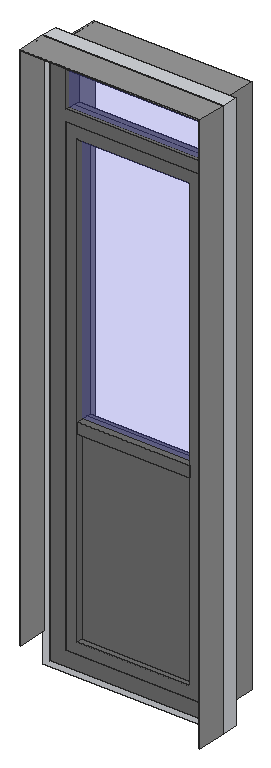
Revit family "AVLN_Балконный блок", category Окна, Revit 2021
Family settings
  Основа = Стена
  Номер OmniClass = 23.30.20.00
  Заголовок OmniClass = Windows
  Всегда вертикально = Да
  При загрузке вырезать с полостями = Нет
  Общий = Нет
  Точка принадлежности помещению = Нет
Parameters (values of type "Для Копирования!")
  Ширина среднействорки = 400 mm
  Ширина рамы двери = 50 mm
  Ширина рамы = 70 mm
  Ширина окна = 1800 mm
  Ширина импоста = 50 mm
  Четверть слева/справа = 50 mm
  Четверть окна снизу = 50 mm
  Четверть низ = 0 mm  # constant formula
  Черверть верх = 50 mm
  Фрамуга_Ширина = Width - (Монтажный зазор * 2 + Ширина рамы * 2)  # 600 mm
  Фрамуга_Высота = Height - (Дверь_Высота + Монтажный зазор_Снизу + Монтажный зазор + Ширина рамы * 2 + Ширина импоста)  # 160 mm
  Толщина основы [instance] = 300 mm
  Створка_толщина = 25 mm  # constant formula
  Rough Width = Width - Монтажный зазор * 2  # 740 mm
  Rough Height = Height - Монтажный зазор * 2  # 2440 mm
  Подстановочный профиль_Ширина = 20 mm  # constant formula
  Подстановочный профиль_Толщина = 50 mm
  Подоконник_Толщина = 20 mm
  Подоконник_Длина = Ширина окна + Ширина рамы * 2 + Монтажный зазор  # 1970 mm
  Подоконник_Глубина = 190 mm
  Подоконник = no
  Отступ.доп.части_Н = Ширина окна + Ширина импоста  # 1850 mm
  Отступ.доп.части_В = Ширина окна + Ширина импоста + Монтажный зазор  # 1880 mm
  Отлив_Толщина = 1 mm  # constant formula
  Отлив_Длина = (Ширина окна + Ширина рамы * 2 + Монтажный зазор) - [Четверть слева/справа]  # 1920 mm
  Отлив_Глубина = 200 mm
  Отлив = no
  Открывание фрамуга = АВЛН_Створка открывная : Створка глухая
  Открывание окно = АВЛН_Створка открывная : Створка глухая
  Откос_Н.Ширина = ADSK_Размер_Ширина - 2 * [Четверть слева/справа]  # 700 mm
  Откос_Н.Толщина.8 = 32 mm
  Откос_Н.Толщина.7 = 28 mm
  Откос_Н.Толщина.6 = 24 mm
  Откос_Н.Толщина.5 = 20 mm
  Откос_Н.Толщина.4 = 16 mm
  Откос_Н.Толщина.3 = 12 mm
  Откос_Н.Толщина.2 = 8 mm
  Откос_Н.Толщина.1 = 4 mm
  Откос_Н.Отступ_П = ADSK_Размер_Высота - (Монтажный зазор + 2 * Ширина рамы + Высота окна)  # 130 mm
  Откос_Н.Отступ_Л = Монтажный зазор  # 30 mm
  Откос_Н.Отступ от уровня = Монтажный зазор  # 30 mm
  Откос_Н.Количество слоев = 1
  Откос_Н.Глубина = 150 mm  # constant formula
  Откос_Н.Высота = ADSK_Размер_Высота - Черверть верх  # 2450 mm
  Откос_В.Толщина.8 = 32 mm
  Откос_В.Толщина.7 = 28 mm
  Откос_В.Толщина.6 = 24 mm
  Откос_В.Толщина.5 = 20 mm
  Откос_В.Толщина.4 = 16 mm
  Откос_В.Толщина.3 = 12 mm
  Откос_В.Толщина.2 = 8 mm
  Откос_В.Толщина.1 = 4 mm
  Откос_В.Количество слоев = 1
  Откос_В.Глубина = 130 mm
  Откос.Отступ_П [instance] = ADSK_Размер_Высота - (Монтажный зазор + 2 * Ширина рамы + Высота окна)  # 130 mm
  Откос.Отступ_Л [instance] = 0 mm
  Определить тепловые свойства по = Тип схем
  Монтажный зазор_Снизу = 20 mm
  Монтажный зазор = 30 mm
  М.Стекла = Стекло
  М.Рамы = AVLN_Материал импоста_RAL 7024
  М.Подоконный профиль = Рама
  М.Подоконник = none
  М.Откос_Н.8 = none
  М.Откос_Н.7 = none
  М.Откос_Н.6 = none
  М.Откос_Н.5 = none
  М.Откос_Н.4 = none
  М.Откос_Н.3 = none
  М.Откос_Н.2 = none
  М.Откос_Н.1 = Штукатурка наружных откосов
  М.Откос_В.8 = none
  М.Откос_В.7 = none
  М.Откос_В.6 = none
  М.Откос_В.5 = none
  М.Откос_В.4 = none
  М.Откос_В.3 = none
  М.Откос_В.2 = none
  М.Откос_В.1 = Штукатурка внутренних откосов
  М.Монтажного зазора = none
  Type Comments = ""
  Ипост высота = 900 mm
  Дверь_Ширина = 740 mm
  Дверь_Высота = 2100 mm
  Дверь.Открывание.Право = yes
  Дверь.Открывание.Лево = not(Дверь.Открывание.Право)  # no
  Дверь.Откидывание = yes
  Дверь заполнение = АВЛН_Дверь балконная : Глухое заполнение снизу
  Глубина вставки = 0 mm
  Высота установки ручки.Дверь = 900 mm
  Высота подоконника по умолчанию = 0 mm
  Высота окна = 2200 mm
  Height = 2500 mm
  Замыкание стены = По основе
  Width = 800 mm
  Аналитическая конструкция = "<Нет>"
  АВЛН_Площаль откосов наружных = (ADSK_Размер_Высота * 2 + ADSK_Размер_Ширина) * 150 mm  # 0.87 m²
  АВЛН_Площаль откосов внутренних = (ADSK_Размер_Высота * 2 + ADSK_Размер_Ширина) * 180 mm  # 1.044 m²
  ADSK_Этаж [instance] = ""
  ADSK_Размер_Ширина = Width  # 800 mm
  ADSK_Размер_Высота = Height  # 2500 mm
  ADSK_Примечание [instance] = ""
  ADSK_Обозначение = "ГОСТ 30674-99 ГОСТ 30970-2014"
  ADSK_Номер секции [instance] = ""
  ADSK_Наименование = ""
  ADSK_Марка = "ДБ-1"
  ADSK_Группирование = ""
  30/90 = yes
  -----------Разрезка----------- = "-----------"  # constant formula
  -----------Профили----------- = "-----------"  # constant formula
  -----------Подоконник----------- = "-----------"  # constant formula
  -----------Отлив----------- = "-----------"  # constant formula
  -----------Откос----------- = "-----------"  # constant formula
  -----------Основные габариты----------- = "-----------"  # constant formula
  -----------Вставка----------- = "-----------"  # constant formula
Reference planes
  plane 1 "По центру (Вперед/Назад)": y = 0
  plane 2 "По центру (Влево/Вправо)": x = 0
  plane 3 "Наружный": y = 150
  plane 4 "Внутренние": y = -150
  plane 5 "Окно": y = 150
  plane 6: y = 450
  plane 7: y = -450
  plane 8 "Внутренняя граница": y = 80
  plane 9 "336": x = 400
  plane 10 "339": z = 2500
  plane 11: z = 2470
  plane 12: x = 370
  plane 13: z = 20
  plane 14: x = 350
  plane 15: z = 1140
  plane 16: z = 2450
  plane 17 "340": z = 0
  plane 18: z = 2400
  plane 19: x = -300
  plane 20: x = -370
  plane 21: x = -400
  plane 22: x = -350
  plane 23 "343": x = 300
  plane 24: z = 2190
  plane 25: z = 90
  plane 26: z = 2240
  plane 27: z = 2320
Forms (mm)
  Extrusion 1, void
    sketch origin (0, 150, 0) x (1, 0, 0) y (0, 0, 1)
      loop
        line (400, 2500) -> (-400, 2500) -> (-400, 0) -> (400, 0) -> (400, 2500)
    from 0 to 600
  Extrusion 2, void
    sketch origin (-1890, 150, 0) x (-1, 0, 0) y (0, 0, -1)
      loop
        line (-1540, -2450) -> (-1540, 0) -> (-2240, 0) -> (-2240, -2450) -> (-1540, -2450)
    from -300 to 0
  Extrusion 3, solid, material "AVLN_Материал импоста_RAL 7024" <- "М.Рамы", detail levels medium+fine
    sketch origin (-1890, 150, 0) x (-1, 0, 0) y (0, 0, -1)
      loop
        line (-1520, -20) -> (-2260, -20) -> (-2260, -2470) -> (-1520, -2470) -> (-1520, -20)
      loop
        line (-2190, -90) -> (-2190, -2190) -> (-1590, -2190) -> (-1590, -90) -> (-2190, -90)
      loop
        line (-1590, -2400) -> (-1590, -2240) -> (-2190, -2240) -> (-2190, -2400) -> (-1590, -2400)
    from 0 to 70
  Extrusion 4, solid, material <- "М.Монтажного зазора", detail levels medium+fine
    sketch origin (-1890, -150, 0) x (-1, 0, 0) y (0, 0, -1)
      loop
        line (-2290, 0) -> (-2290, -2500) -> (-1490, -2500) -> (-1490, 0) -> (-2290, 0)
      loop
        line (-1520, -2470) -> (-1520, -20) -> (-2260, -20) -> (-2260, -2470) -> (-1520, -2470)
    from -300 to -230
Cuts and joins
  Extrusion 2 cuts Extrusion 3
  Extrusion 2 cuts Extrusion 4
Lines and regions (mm)
  reference lines
    curve 1: line (400, -150, 2215) -> (-350, -150, 2215)
    curve 2: line (400, -150, 990) -> (-350, -150, 990)
Text (mm)
  text "EXTERIOR" at (-1963.203, 1332.353, 0), in view "Опорный уровень"
  text "INTERIOR" at (-1981.466, -818.386, 0), in view "Опорный уровень"
  text "Наружный" at (0, 923.751, 2943.296), in view "Справа"
  text "Наружный" at (0, 1240.237, 2685.409), in view "Слева"
Dimensions and locks
  locked: plane 3 "Наружный" to host wall
  locked: plane 4 "Внутренние" to host wall
  "Глубина вставки": plane 5 "Окно" to plane 3 "Наружный"
  locked: plane 3 "Наружный" to plane 6 at 300
  locked: plane 7 to plane 4 "Внутренние" at 300
  "Ширина рамы": plane 5 "Окно" to plane 8 "Внутренняя граница"
  "Толщина основы": host wall to host wall
  "ADSK_Размер_Высота": level to plane 10 "339"
  "Монтажный зазор": plane 9 "336" to plane 12
  "Монтажный зазор": plane 11 to plane 10 "339"
  "Четверть слева/справа": plane 9 "336" to plane 14
  "Черверть верх": plane 16 to plane 10 "339"
  "Ширина рамы": plane 18 to plane 11
  "Монтажный зазор": plane 20 to plane 21
  "Ширина рамы": plane 19 to plane 20
  "Четверть слева/справа": plane 22 to plane 21
  "Ширина рамы": plane 12 to plane 23 "343"
  equal spacing: plane 23 "343", plane 2 "По центру (Влево/Вправо)", plane 19
  equal spacing: plane 24, plane 15, plane 25
  "Ширина рамы": plane 25 to plane 13
  "Ширина импоста": plane 26 to plane 24
  equal spacing: plane 26, curve 1, plane 24
  equal spacing: plane 18, plane 27, plane 26
  "Дверь_Высота": plane 24 to plane 25
  "Width": plane 9 "336" to plane 21
  level to plane 15 to plane 10 "339" = 1140 mm, 1360 mm
  "Монтажный зазор_Снизу": level to plane 13
  aligned and locked: plane 5 "Окно" to Extrusion 1
  aligned and locked: Extrusion 1 to plane 7
  aligned and locked: Extrusion 2 sketch curve to plane 14
  aligned and locked: plane 16 to Extrusion 2 sketch curve
  aligned and locked: Extrusion 2 sketch curve to plane 17 "340"
  aligned and locked: Extrusion 2 sketch curve to plane 22
  aligned and locked: Extrusion 3 sketch curve to plane 20
  aligned and locked: plane 13 to Extrusion 3 sketch curve
  aligned and locked: Extrusion 3 sketch curve to plane 12
  aligned and locked: plane 11 to Extrusion 3 sketch curve
  aligned and locked: Extrusion 3 sketch curve to plane 19
  aligned and locked: Extrusion 4 sketch curve to plane 9 "336"
  aligned and locked: Extrusion 4 sketch curve to plane 17 "340"
  aligned and locked: plane 21 to Extrusion 4 sketch curve
  aligned and locked: plane 10 "339" to Extrusion 4 sketch curve
  aligned and locked: Extrusion 4 sketch curve to plane 11
  aligned and locked: Extrusion 4 sketch curve to plane 12
  aligned and locked: plane 13 to Extrusion 4 sketch curve
  aligned and locked: Extrusion 4 sketch curve to plane 20
  aligned and locked: plane 23 "343" to Extrusion 3
  aligned and locked: Extrusion 3 to plane 25
  aligned and locked: curve 1 to plane 9 "336"
  aligned and locked: nested 4 to plane 12
  aligned and locked: nested 3 to plane 22
  aligned and locked: Extrusion 1 sketch curve to plane 10 "339"
  aligned and locked: plane 9 "336" to Extrusion 1 sketch curve
  aligned and locked: Extrusion 1 sketch curve to plane 17 "340"
  aligned and locked: plane 27 to nested 5
  aligned and locked: plane 21 to Extrusion 1 sketch curve
  aligned and locked: nested 4 to plane 8 "Внутренняя граница"
  aligned and locked: plane 8 "Внутренняя граница" to nested 3
  aligned and locked: Extrusion 2 to plane 5 "Окно"
  aligned and locked: Extrusion 3 to plane 8 "Внутренняя граница"
  aligned and locked: plane 5 "Окно" to Extrusion 3
  aligned and locked: plane 5 "Окно" to Extrusion 4
  aligned and locked: Extrusion 4 to plane 8 "Внутренняя граница"
  aligned and locked: Extrusion 2 to plane 22
  aligned and locked: plane 14 to Extrusion 2
  aligned and locked: plane 6 to Extrusion 2
  aligned and locked: plane 15 to nested 6
  aligned and locked: plane 2 "По центру (Влево/Вправо)" to nested 6
  aligned and locked: nested 7 to plane 2 "По центру (Влево/Вправо)"
  aligned and locked: plane 10 "339" to nested 7
  aligned and locked: plane 2 "По центру (Влево/Вправо)" to nested 2
  aligned and locked: plane 2 "По центру (Влево/Вправо)" to nested 1
  aligned and locked: nested 2 to plane 5 "Окно"
  aligned and locked: plane 8 "Внутренняя граница" to nested 1
Automatic sketch dimensions
  curve 2 to plane 9 "336" = 0 mm
  Extrusion 3 sketch curve to plane 23 "343" = 0 mm  (x2)
  Extrusion 3 sketch curve to plane 19 = 0 mm
  plane 24 to curve 1 = 25 mm
  Extrusion 3 sketch curve to plane 25 = 0 mm
  Extrusion 3 sketch curve to plane 24 = 0 mm
  Extrusion 3 sketch curve to plane 26 = 0 mm
  Extrusion 3 sketch curve to plane 18 = 0 mm
  curve 2 to plane 15 = 150 mm
  curve 1 to plane 22 = 0 mm
  curve 2 to plane 22 = 0 mm
Nested families
  nested 1: "AVLN_Откосы_R19" at (0, -50, 0), Ширина <- "ADSK_Размер_Ширина", Глубина <- "Откос_В.Глубина", Высота <- "ADSK_Размер_Высота", Высота от уровня <- "Высота подоконника по умолчанию", ADSK_Группирование <- "Type Comments", ADSK_Этаж <- "ADSK_Этаж", ADSK_Номер секции <- "ADSK_Номер секции", Материал_1 <- "М.Откос_В.1", Материал_2 <- "М.Откос_В.2", Материал_3 <- "М.Откос_В.3", Материал_4 <- "М.Откос_В.4", Материал_5 <- "М.Откос_В.5", Материал_6 <- "М.Откос_В.6", Материал_7 <- "М.Откос_В.7", Материал_8 <- "М.Откос_В.8", Толщина_1 <- "Откос_В.Толщина.1", Толщина_2 <- "Откос_В.Толщина.2", Толщина_3 <- "Откос_В.Толщина.3", Толщина_4 <- "Откос_В.Толщина.4", Толщина_5 <- "Откос_В.Толщина.5", Толщина_6 <- "Откос_В.Толщина.6", Толщина_7 <- "Откос_В.Толщина.7", Толщина_8 <- "Откос_В.Толщина.8", Количество слоев <- "Откос_В.Количество слоев", Отступ_Л <- "Откос.Отступ_П", Отступ_П <- "Откос.Отступ_Л", Отступ.доп.части <- "Отступ.доп.части_В", type "AVLN_Откосы_R19"
    with Ширина_8 576 mm, Ширина_7 632 mm, Ширина_6 680 mm, Ширина_5 720 mm, Ширина_4 752 mm, Ширина_3 776 mm, Ширина_2 792 mm, Ширина 800 mm, Толщина_8 32 mm, Толщина_7 28 mm, Толщина_6 24 mm, Толщина_5 20 mm, Толщина_4 16 mm, Толщина_3 12 mm, Толщина_2 8 mm, Толщина_1 4 mm, Отступ_П 0 mm, Отступ_Л 130 mm, Отступ.доп.части 1880 mm, Материал_8 none, Материал_7 none, Материал_6 none, Материал_5 none, Материал_4 none, Материал_3 none, Материал_2 none, Материал_1 Штукатурка внутренних откосов, Количество слоев 1, Глубина 130 mm, Высота_8 2388 mm, Высота_7 2416 mm, Высота_6 2440 mm, Высота_5 2460 mm, Высота_4 2476 mm, Высота_3 2488 mm, Высота_2 2496 mm, Высота.доп.части 0 mm, Высота от уровня 0 mm, Высота 2500 mm, Видимость_8 no, Видимость_7 no, Видимость_6 no, Видимость_5 no, Видимость_4 no, Видимость_3 no, Видимость_2 no, Видимость_1 yes, Видимость.доп.части yes, ВД.8 no, ВД.7 no, ВД.6 no, ВД.5 no, ВД.4 no, ВД.3 no, ВД.2 no, ВД.1 yes, ADSK_Этаж "", ADSK_Номер секции "", ADSK_Группирование ""
  nested 2: "AVLN_Откосы_R19" at (0, 150, 0), Ширина <- "Откос_Н.Ширина", Глубина <- "Откос_Н.Глубина", Высота <- "Откос_Н.Высота", Высота от уровня <- "Откос_Н.Отступ от уровня", ADSK_Группирование <- "Type Comments", ADSK_Этаж <- "ADSK_Этаж", ADSK_Номер секции <- "ADSK_Номер секции", Материал_1 <- "М.Откос_Н.1", Материал_2 <- "М.Откос_Н.2", Материал_3 <- "М.Откос_Н.3", Материал_4 <- "М.Откос_Н.4", Материал_5 <- "М.Откос_Н.5", Материал_6 <- "М.Откос_Н.6", Материал_7 <- "М.Откос_Н.7", Материал_8 <- "М.Откос_Н.8", Толщина_1 <- "Откос_Н.Толщина.1", Толщина_2 <- "Откос_Н.Толщина.2", Толщина_3 <- "Откос_Н.Толщина.3", Толщина_4 <- "Откос_Н.Толщина.4", Толщина_5 <- "Откос_Н.Толщина.5", Толщина_6 <- "Откос_Н.Толщина.6", Толщина_7 <- "Откос_Н.Толщина.7", Толщина_8 <- "Откос_Н.Толщина.8", Количество слоев <- "Откос_Н.Количество слоев", Отступ_Л <- "Откос_Н.Отступ_П", Отступ_П <- "Откос_Н.Отступ_Л", Отступ.доп.части <- "Отступ.доп.части_Н", type "AVLN_Откосы_R19"
    with Ширина_8 476 mm, Ширина_7 532 mm, Ширина_6 580 mm, Ширина_5 620 mm, Ширина_4 652 mm, Ширина_3 676 mm, Ширина_2 692 mm, Ширина 700 mm, Толщина_8 32 mm, Толщина_7 28 mm, Толщина_6 24 mm, Толщина_5 20 mm, Толщина_4 16 mm, Толщина_3 12 mm, Толщина_2 8 mm, Толщина_1 4 mm, Отступ_П 30 mm, Отступ_Л 130 mm, Отступ.доп.части 1850 mm, Материал_8 none, Материал_7 none, Материал_6 none, Материал_5 none, Материал_4 none, Материал_3 none, Материал_2 none, Материал_1 Штукатурка наружных откосов, Количество слоев 1, Глубина 150 mm, Высота_8 2338 mm, Высота_7 2366 mm, Высота_6 2390 mm, Высота_5 2410 mm, Высота_4 2426 mm, Высота_3 2438 mm, Высота_2 2446 mm, Высота.доп.части 0 mm, Высота от уровня 30 mm, Высота 2450 mm, Видимость_8 no, Видимость_7 no, Видимость_6 no, Видимость_5 no, Видимость_4 no, Видимость_3 no, Видимость_2 no, Видимость_1 yes, Видимость.доп.части yes, ВД.8 no, ВД.7 no, ВД.6 no, ВД.5 no, ВД.4 no, ВД.3 no, ВД.2 no, ВД.1 yes, ADSK_Этаж "", ADSK_Номер секции "", ADSK_Группирование ""
  nested 3: "АС-Обозначение на плане двупольная" at (-350, 80, 0) x (-1, 0, 0) z (0, 0, 1), Коробка.Толщина <- "Ширина рамы", Коробка.Ширина <- "Ширина импоста", Rough Width <- "Дверь_Ширина", Height <- "Дверь_Высота", visible <- "Дверь.Открывание.Лево", type "АС-Стандарт"
    with Width 791 mm, built-in parameter 1001302 50 mm, Rough Width 740 mm, Монтажный зазор.Ширина сбоку 1 mm, Коробка.Ширина 50 mm, Коробка.Толщина 70 mm, Height 2100 mm
  nested 4: "АС-Обозначение на плане двупольная" at (370, 80, 0), Коробка.Толщина <- "Ширина рамы", Коробка.Ширина <- "Ширина импоста", Rough Width <- "Дверь_Ширина", Height <- "Дверь_Высота", visible <- "Дверь.Открывание.Право", type "АС-Стандарт"
    with Width 791 mm, built-in parameter 1001302 50 mm, Rough Width 740 mm, Монтажный зазор.Ширина сбоку 1 mm, Коробка.Ширина 50 mm, Коробка.Толщина 70 mm, Height 2100 mm
  nested 5: "АВЛН_Створка открывная" at (0, 80, 2320) x (1, 0, 0) z (0, 1, 0), Створка высота <- "Фрамуга_Высота", Створка ширина <- "Фрамуга_Ширина", Ширина рамы <- "Створка_толщина", type <- "Открывание фрамуга", Материал_Рама <- "М.Рамы", Материал_Стеклопакет <- "М.Стекла", Материал_Ручки <- "М.Рамы", type "Створка глухая", detail levels medium+fine
    with Ширина рамы 25 mm, Створка ширина 600 mm, Створка высота 160 mm, Материал_Стеклопакет Стекло, Материал_Ручки AVLN_Материал импоста_RAL 7024, Материал_Рама AVLN_Материал импоста_RAL 7024
  nested 6: "АВЛН_Дверь балконная" at (0, 150, 1140) x (-1, 0, 0) z (0, -1, 0), Дверь высота <- "Дверь_Высота", Дверь ширина <- "Фрамуга_Ширина", Ручка высота <- "Высота установки ручки.Дверь", Импост высота <- "Ипост высота", Импост ширина <- "Ширина импоста", Корбка толщина <- "Ширина рамы двери", type <- "Дверь заполнение", Правая <- "Дверь.Открывание.Лево", Левая <- "Дверь.Открывание.Право", Откидная <- "Дверь.Откидывание", М.ПП <- "М.Рамы", М.Р <- "М.Рамы", М.С <- "М.Стекла", type "Глухое заполнение снизу", detail levels medium+fine
    with Ручка высота 900 mm, Правая no, Откидная yes, М.С Стекло, М.Р AVLN_Материал импоста_RAL 7024, М.ПП AVLN_Материал импоста_RAL 7024, Левая yes, Корбка толщина 50 mm, Импост ширина 50 mm, Импост высота 900 mm, Дверь ширина 600 mm, Дверь высота 2100 mm, Width 740 mm
  nested 7: "AVLN_Обозначение проема" at (0, 150, 1250) x (0, 0, -1) z (0, -1, 0), ADSK_Размер_Высота <- "ADSK_Размер_Ширина", ADSK_Размер_Ширина <- "ADSK_Размер_Высота", type "AVLN_Обозначение проема", detail levels coarse
    with ADSK_Размер_Ширина 2500 mm, ADSK_Размер_Высота 800 mm
  nested 8: "Откос_R19" at (0, 15, 0), type "Откос_R19"
    with Площадь 0.754 m², Отступ_П 0 mm, Отступ_Л 130 mm, Материал Штукатурка внутренних откосов, Видимость yes, ADSK_Этаж "", ADSK_Размер_Ширина 800 mm, ADSK_Размер_Толщина 4 mm, ADSK_Размер_Глубина 130 mm, ADSK_Размер_Высота 2500 mm, ADSK_Номер секции "", ADSK_Группирование ""
  nested 9: "Откос_R19" at (0, 225, 30), type "Откос_R19"
    with Площадь 0.84 m², Отступ_П 30 mm, Отступ_Л 130 mm, Материал Штукатурка наружных откосов, Видимость yes, ADSK_Этаж "", ADSK_Размер_Ширина 700 mm, ADSK_Размер_Толщина 4 mm, ADSK_Размер_Глубина 150 mm, ADSK_Размер_Высота 2450 mm, ADSK_Номер секции "", ADSK_Группирование ""
Definition of nested family "АВЛН_Створка открывная"
  Parameters (values of type "Створка повороно-откидная правая")
    Ширина рамы [instance] = 50 mm
    Width = 600 mm
    Створка ширина [instance] = 800 mm
    Створка высота [instance] = 700 mm
    Материал_Стеклопакет [instance] = none
    Поворотная Правая = yes
    Поворотная Левая = no
    Default Elevation = 1219.2 mm
    Открываная = yes
    Откидная = yes
    Материал_Ручки [instance] = none
    Материал_Рама [instance] = none
    Левая = yes
    Глухое = no
    Height = 1150 mm
    Analytic Construction = "<Нет>"
  Types (6, lengths in mm): name | Width | Поворотная Правая | Поворотная Левая | Открываная | Откидная | Глухое | Height
    Створка повороно-откидная правая | 600 | yes | no | yes | yes | no | 1150
    Створка повороно-откидная левая | 600 | no | yes | yes | yes | no | 1150
    Створка глухая | 600 | no | no | no | no | yes | 1150
    Створка откидная | 1300 | no | no | yes | yes | no | 1700
    Створка поворотная правая | 600 | yes | no | yes | no | no | 1150
    Створка поворотная левая | 600 | no | yes | yes | no | no | 1150
  Reference planes
    plane 1 "По центру (Вперед/Назад)": y = 0
    plane 2 "Внутрення грань": z = 0
    plane 3 "По центру (Влево/Вправо)": x = 0
    plane 4: y = 350
    plane 5: x = 400
    plane 6: y = -350
    plane 7: x = -400
    plane 8 "Наружняя грань": z = 60.433
    plane 9 "По центру Л/Р": z = 30.216
  Forms (mm)
    Extrusion 1, solid
      sketch origin (0, 0, 0) x (1, 0, 0) y (0, 1, 0)
        loop
          line (-1219.2, 1219.2) -> (-1219.2, -1219.2) -> (1219.2, -1219.2) -> (1219.2, 1219.2) -> (-1219.2, 1219.2)
      from 0 to -304.8
    Sweep 2, solid, material <- "Материал_Рама", visible <- "Открываная"
      path origin (0, 0, 0) x (1, 0, 0) y (0, 1, 0)
        loop
          line (400, 350) -> (-400, 350) -> (-400, -350) -> (400, -350) -> (400, 350)
      profile origin (0, 350, 0) x (0, -1, 0) y (0, 0, 1)
        loop
          line (0, 0) -> (50, 0) -> (50, 60.433) -> (0, 60.433) -> (0, 0)
    Extrusion 3, solid, material <- "Материал_Стеклопакет", visible <- "Открываная"
      sketch origin (0, 0, 0) x (1, 0, 0) y (0, 1, 0)
        loop
          line (-350, 300) -> (-350, -300) -> (350, -300) -> (350, 300) -> (-350, 300)
      from 17.481 to 42.952
    Extrusion 4, solid, material <- "Материал_Стеклопакет", visible <- "Глухое"
      sketch origin (0, 0, 0) x (1, 0, 0) y (0, 1, 0)
        loop
          line (-400, 350) -> (-400, -350) -> (400, -350) -> (400, 350) -> (-400, 350)
      from 17.481 to 42.952
  Lines and regions (mm)
    model lines, visible <- "Глухое", detail levels medium+fine
      curve 1: line (0, 50, 60.433) -> (0, -50, 60.433)
      curve 2: line (50, 0, 60.433) -> (-50, 0, 60.433)
      curve 17: line (0, 50, 0) -> (0, -50, 0)
      curve 18: line (50, 0, 0) -> (-50, 0, 0)
    model lines, visible <- "Глухое", not visible, detail levels medium+fine
      curve 3: line (60, 38.001, 60.433) -> (60, -61.999, 60.433)
      curve 4: line (110, -11.999, 60.433) -> (10, -11.999, 60.433)
    model lines, visible <- "Поворотная Правая", detail levels medium+fine
      curve 5: line (400, 350, 0) -> (-400, 0, 0)
      curve 6: line (400, -350, 0) -> (-400, 0, 0)
      curve 13: line (400, 350, 60.433) -> (-400, 0, 60.433)
      curve 14: line (400, -350, 60.433) -> (-400, 0, 60.433)
    model lines, visible <- "Откидная", detail levels medium+fine
      curve 7: line (-400, -350, 0) -> (0, 350, 0)
      curve 8: line (0, 350, 0) -> (400, -350, 0)
      curve 15: line (-400, -350, 60.433) -> (0, 350, 60.433)
      curve 16: line (0, 350, 60.433) -> (400, -350, 60.433)
    model lines, visible <- "Поворотная Левая", detail levels medium+fine
      curve 9: line (-400, 350, 0) -> (400, 0, 0)
      curve 10: line (-400, -350, 0) -> (400, 0, 0)
      curve 11: line (-400, 350, 60.433) -> (400, 0, 60.433)
      curve 12: line (-400, -350, 60.433) -> (400, 0, 60.433)
  Dimensions and locks
    "Створка высота": plane 4 to plane 6
    "Створка ширина": plane 7 to plane 5
    equal spacing: plane 7, plane 3 "По центру (Влево/Вправо)", plane 5
    equal spacing: plane 6, plane 1 "По центру (Вперед/Назад)", plane 4
    plane 2 "Внутрення грань" to plane 8 "Наружняя грань" = 60.433 mm
    level to Extrusion 4 = 42.952 mm
    plane 8 "Наружняя грань" to level = 60.433 mm
    equal spacing: Extrusion 3, plane 9 "По центру Л/Р", Extrusion 3
    equal spacing: plane 8 "Наружняя грань", plane 9 "По центру Л/Р", level
    Extrusion 3 to Extrusion 3 = 25.471 mm
    "Ширина рамы": profile plane to Sweep 2 sketch curve
    equal spacing: Extrusion 4, plane 9 "По центру Л/Р", Extrusion 4, locked at 12.735 each
    locked: Extrusion 4 to Extrusion 4 at 25.471
    equal spacing: Sweep 2, nested 1, Sweep 2
    equal spacing: Sweep 2, nested 2, Sweep 2
    aligned and locked: plane 2 "Внутрення грань" to Extrusion 1
    aligned and locked: level to Extrusion 1
    aligned and locked: plane 4 to Sweep 2 sketch curve
    aligned and locked: plane 5 to Sweep 2 sketch curve
    aligned and locked: plane 6 to Sweep 2 sketch curve
    aligned and locked: Sweep 2 sketch curve to plane 7
    aligned and locked: Extrusion 3 sketch curve to Sweep 2  (x4)
    aligned and locked: Extrusion 4 sketch curve to Sweep 2  (x3)
    aligned and locked: Extrusion 4 sketch curve to plane 5
    aligned and locked: Sweep 2 sketch curve to plane 8 "Наружняя грань"
    aligned and locked: plane 6 to Extrusion 4
    aligned and locked: plane 4 to Extrusion 4
    aligned and locked: curve 2 to plane 1 "По центру (Вперед/Назад)"
    aligned and locked: curve 1 to plane 3 "По центру (Влево/Вправо)"
    aligned and locked: curve 18 to plane 1 "По центру (Вперед/Назад)"
    aligned and locked: curve 17 to plane 3 "По центру (Влево/Вправо)"
    aligned and locked: nested 2 to plane 1 "По центру (Вперед/Назад)"
    aligned and locked: nested 1 to plane 1 "По центру (Вперед/Назад)"
  Automatic sketch dimensions
    Extrusion 1 sketch curve to Extrusion 1 sketch curve = 2438.4 mm  (x2)
    plane 1 "По центру (Вперед/Назад)" to curve 5 = 0 mm
    curve 5 to plane 7 = 0 mm
    curve 9 to plane 4 = 0 mm
    curve 9 to plane 7 = 0 mm
    plane 6 to curve 7 = 0 mm
    curve 7 to plane 7 = 0 mm
    curve 7 to plane 3 "По центру (Влево/Вправо)" = 0 mm
    curve 6 to plane 5 = 0 mm
    plane 1 "По центру (Вперед/Назад)" to curve 9 = 0 mm
    curve 9 to plane 5 = 0 mm
    curve 5 to plane 4 = 0 mm
    curve 5 to plane 5 = 0 mm
    plane 6 to curve 8 = 0 mm
    curve 8 to plane 4 = 0 mm
    curve 11 to plane 4 = 0 mm
    curve 11 to plane 7 = 0 mm
    plane 6 to curve 15 = 0 mm
    curve 15 to plane 7 = 0 mm
    plane 1 "По центру (Вперед/Назад)" to curve 14 = 0 mm
    curve 14 to plane 7 = 0 mm
    curve 15 to plane 3 "По центру (Влево/Вправо)" = 0 mm
    plane 1 "По центру (Вперед/Назад)" to curve 11 = 0 mm
    curve 11 to plane 5 = 0 mm
    curve 14 to plane 5 = 0 mm
    curve 13 to plane 4 = 0 mm
    curve 13 to plane 5 = 0 mm
    plane 6 to curve 14 = 0 mm
    curve 15 to plane 4 = 0 mm
    plane 1 "По центру (Вперед/Назад)" to curve 2 = 0 mm
    curve 1 to plane 3 "По центру (Влево/Вправо)" = 0 mm
    curve 2 to plane 3 "По центру (Влево/Вправо)" = 50 mm
    plane 3 "По центру (Влево/Вправо)" to curve 2 = 50 mm
    plane 1 "По центру (Вперед/Назад)" to curve 1 = 50 mm
    curve 1 to plane 1 "По центру (Вперед/Назад)" = 50 mm
    curve 18 to curve 17 = 50 mm
    curve 17 to curve 18 = 50 mm
    plane 1 "По центру (Вперед/Назад)" to curve 17 = 50 mm
    curve 17 to plane 1 "По центру (Вперед/Назад)" = 50 mm
    Sweep 2 sketch curve to level = 0 mm
    Sweep 2 sketch curve to profile plane = 0 mm
  Nested families
    nested 1: "АВЛН_Ручка" at (375, 1040, 0) x (1, 0, 0) z (0, -1, 0), visible <- "Поворотная Левая", Материал дверной ручки <- "Материал_Рама", type "АВЛН_Ручка", detail levels fine
      with Материал дверной ручки none, Высота расположения дверной ручки 1040 mm
    nested 2: "АВЛН_Ручка" at (-375, 1040, 0) x (1, 0, 0) z (0, -1, 0), visible <- "Поворотная Правая", Материал дверной ручки <- "Материал_Рама", type "АВЛН_Ручка", detail levels fine
      with Материал дверной ручки none, Высота расположения дверной ручки 1040 mm
  Definition of nested family "АВЛН_Ручка"
    Parameters (values of type "АВЛН_Ручка")
      Default Elevation = 1219.2 mm
      Материал дверной ручки [instance] = none
      Высота расположения дверной ручки [instance] = 1040 mm
      Analytic Construction = "<Нет>"
      b = 25 mm
      a = 75 mm
    Reference planes
      plane 1 "По центру (Вперед/Назад)": y = 0
      plane 2: z = 0
      plane 3 "По центру (Влево/Вправо)": x = 0
      plane 4: z = 1040
      plane 5: x = 12.5
      plane 6: x = -12.5
      plane 7: z = 1002.5
      plane 8: z = 1077.5
      plane 9: y = -15
    Forms (mm)
      Extrusion 1, solid, material <- "Материал дверной ручки"
        sketch origin (0, 0, 2080) x (-1, 0, 0) y (0, 0, -1)
          loop
            arc (-2.5, 1077.5) -> (-9.571, 1074.571) -> (-12.5, 1067.5) r 10
            line (-12.5, 1067.5) -> (-12.5, 1012.5)
            arc (-12.5, 1012.5) -> (-9.571, 1005.429) -> (-2.5, 1002.5) r 10
            line (-2.5, 1002.5) -> (2.5, 1002.5)
            arc (2.5, 1002.5) -> (9.571, 1005.429) -> (12.5, 1012.5) r 10
            line (12.5, 1012.5) -> (12.5, 1067.5)
            arc (12.5, 1067.5) -> (9.571, 1074.571) -> (2.5, 1077.5) r 10
            line (2.5, 1077.5) -> (-2.5, 1077.5)
        from 0 to 15
      Sweep 2, solid, material <- "Материал дверной ручки"
        path origin (-1040, 0, 1040) x (0, 0, -1) y (0, 1, 0)
          loop
            line (0, -15) -> (0, -38.261)
            arc (0, -38.261) -> (-2.929, -45.332) -> (-10, -48.261) r 10
            line (-10, -48.261) -> (-130, -48.261)
        profile origin (-1040, -26.63, 1040) x (0, 0, -1) y (1, 0, 0)
          loop
            circle (0, 1040) r 8
    Dimensions and locks
      "Высота расположения дверной ручки": plane 4 to level
      "a": plane 7 to plane 8
      "b": plane 6 to plane 5
      plane 6 to plane 5 = 25 mm
      locked: plane 1 "По центру (Вперед/Назад)" to plane 9 at 15
      plane 7 to plane 8 = 75 mm
      aligned and locked: level to plane 2
      aligned and locked: Extrusion 1 sketch curve to plane 7
      aligned and locked: plane 5 to Extrusion 1 sketch curve
      aligned and locked: plane 8 to Extrusion 1 sketch curve
      aligned and locked: Extrusion 1 sketch curve to plane 6
      aligned and locked: Extrusion 1 to plane 1 "По центру (Вперед/Назад)"
    Automatic sketch dimensions
      Sweep 2 sketch curve to plane 9 = 0 mm
      plane 4 to Sweep 2 sketch curve = 10 mm
      plane 9 to Sweep 2 sketch curve = 23.261 mm
      Sweep 2 sketch curve to Sweep 2 sketch curve = 120 mm
      Sweep 2 sketch curve to profile plane = 0 mm
      profile plane to Sweep 2 sketch curve = 1040 mm
      Sweep 2 sketch curve to plane 4 = 0 mm
      plane 3 "По центру (Влево/Вправо)" to Extrusion 1 sketch curve = 2.5 mm  (x2)
      Extrusion 1 sketch curve to plane 3 "По центру (Влево/Вправо)" = 2.5 mm  (x2)
      radius of Sweep 2 sketch curve = 8 mm
Definition of nested family "АВЛН_Дверь балконная"
  Parameters (values of type "Заполнение стеклом сплошное")
    Width = 0 mm
    Стекло заполнение сверху = no
    Стекло сплошное заполнение = yes
    Ручка высота [instance] = 985 mm
    Правая [instance] = no
    Default Elevation = 0 mm
    Откидная [instance] = no
    М.С [instance] = none
    М.Р [instance] = none
    М.ПП [instance] = none
    Левая [instance] = no
    Корбка толщина [instance] = 25 mm
    Импост ширина [instance] = 50 mm
    Импост высота [instance] = 900 mm
    Импост = no
    Дверь ширина [instance] = 800 mm
    Дверь высота [instance] = 2100 mm
    Глухое заполнение снизу = no
    Height = 0 mm
    Analytic Construction = "<Нет>"
  Types (3, lengths in mm): name | Width | Стекло заполнение сверху | Стекло сплошное заполнение | Импост высота | Импост | Дверь ширина | Глухое заполнение снизу | Height
    Заполнение стеклом сплошное | 0 | no | yes | 900 | no | 800 | no | 0
    Глухое заполнение снизу | 860 | yes | no | 1050 | yes | 1050 | yes | 2100
    Заполнение стеклом разделенное | 800 | no | yes | 900 | yes | 800 | no | 2100
  Reference planes
    plane 1 "По центру (Вперед/Назад)": y = 0
    plane 2: z = 0
    plane 3 "По центру (Влево/Вправо)": x = 0
    plane 4: y = 1050
    plane 5 "Основание двери": y = -1050
    plane 6: x = 400
    plane 7: x = -400
    plane 8: y = -150
    plane 9: y = -125
    plane 10: y = -175
    plane 11: x = 375
    plane 12: y = -1025
    plane 13: x = -375
    plane 14: y = 1025
    plane 15: z = 70
    plane 16: y = -65
  Forms (mm)
    Extrusion 1, solid
      sketch origin (0, 0, 0) x (1, 0, 0) y (0, 1, 0)
        loop
          line (-1970, 1440) -> (-1970, -1672.46) -> (1957.193, -1672.46) -> (1957.193, 1440) -> (-1970, 1440)
      from 0 to -304.8
    Extrusion 2, solid, material <- "М.Р", visible <- "Импост", detail levels medium+fine
      sketch origin (-467.888, -159.945, 0) x (1, 0, 0) y (0, 1, 0)
        loop
          line (92.888, 34.945) -> (92.888, -15.055) -> (842.888, -15.055) -> (842.888, 34.945) -> (92.888, 34.945)
      from 0 to 70
    Extrusion 3, solid, material <- "М.Р", detail levels medium+fine
      sketch origin (-467.888, -61.043, 0) x (1, 0, 0) y (0, 1, 0)
        loop
          line (67.888, -988.957) -> (867.888, -988.957) -> (867.888, 1111.043) -> (67.888, 1111.043) -> (67.888, -988.957)
        loop
          line (92.888, 1086.043) -> (92.888, -963.957) -> (842.888, -963.957) -> (842.888, 1086.043) -> (92.888, 1086.043)
      from 0 to 70
    Extrusion 4, solid, material <- "М.С", visible <- "Стекло заполнение сверху", detail levels medium+fine
      sketch origin (1132.112, 87.618, 0) x (1, 0, 0) y (0, 1, 0)
        loop
          line (-1507.112, 937.382) -> (-1507.112, -212.618) -> (-757.112, -212.618) -> (-757.112, 937.382) -> (-1507.112, 937.382)
      from 20 to 45
    Extrusion 5, solid, material <- "М.Р", visible <- "Глухое заполнение снизу", detail levels medium+fine
      sketch origin (-489.421, 311.882, 0) x (1, 0, 0) y (0, 1, 0)
        loop
          line (114.421, -486.882) -> (114.421, -1336.882) -> (864.421, -1336.882) -> (864.421, -486.882) -> (114.421, -486.882)
      from 20 to 45
    Extrusion 6, solid, material <- "М.С", visible <- "Стекло сплошное заполнение", detail levels medium+fine
      sketch origin (932.112, 7.618, 0) x (1, 0, 0) y (0, 1, 0)
        loop
          line (-1307.112, 1017.382) -> (-1307.112, -1032.618) -> (-557.112, -1032.618) -> (-557.112, 1017.382) -> (-1307.112, 1017.382)
      from 20 to 45
  Lines and regions (mm)
    model lines, visible <- "Правая", detail levels medium+fine
      curve 1: line (375, 1025, 45) -> (-375, 0, 45)
      curve 2: line (375, -1025, 45) -> (-375, 0, 45)
      curve 9: line (375, 1025, 20) -> (-375, 0, 20)
      curve 10: line (375, -1025, 20) -> (-375, 0, 20)
    model lines, visible <- "Откидная", detail levels medium+fine
      curve 3: line (-375, -1025, 45) -> (0, 1025, 45)
      curve 4: line (0, 1025, 45) -> (375, -1025, 45)
      curve 11: line (-375, -1025, 20) -> (0, 1025, 20)
      curve 12: line (0, 1025, 20) -> (375, -1025, 20)
    model lines, visible <- "Левая", detail levels medium+fine
      curve 5: line (-375, 1025, 45) -> (375, 0, 45)
      curve 6: line (-375, -1025, 45) -> (375, 0, 45)
      curve 7: line (-375, 1025, 20) -> (375, 0, 20)
      curve 8: line (-375, -1025, 20) -> (375, 0, 20)
    symbolic lines, not visible, detail levels medium+fine
      curve 13: line (873.016, 510.662, 0) -> (1073.016, 510.662, 0)
      curve 14: line (973.016, 410.662, 0) -> (973.016, 610.662, 0)
      curve 15: line (2093.378, 460, 0) -> (2293.378, 460, 0)
      curve 16: line (2193.378, 360, 0) -> (2193.378, 560, 0)
      curve 17: line (-767.079, 635.2, 0) -> (-567.079, 635.2, 0)
      curve 18: line (-667.079, 535.2, 0) -> (-667.079, 735.2, 0)
  Dimensions and locks
    equal spacing: plane 7, plane 3 "По центру (Влево/Вправо)", plane 6
    equal spacing: plane 5 "Основание двери", plane 1 "По центру (Вперед/Назад)", plane 4
    "Дверь высота": plane 4 to plane 5 "Основание двери"
    "Дверь ширина": plane 7 to plane 6
    "Импост высота": plane 8 to plane 5 "Основание двери"
    equal spacing: plane 9, plane 8, plane 10
    "Импост ширина": plane 9 to plane 10
    "Корбка толщина": plane 4 to plane 14
    "Корбка толщина": plane 12 to plane 5 "Основание двери"
    "Корбка толщина": plane 11 to plane 6
    "Корбка толщина": plane 7 to plane 13
    Extrusion 6 to plane 15 = 25 mm
    locked: Extrusion 4 to plane 15 at 25
    plane 11 to plane 6 = 25 mm
    plane 7 to plane 13 = 25 mm
    "Ручка высота": plane 16 to plane 5 "Основание двери"
    aligned and locked: Extrusion 1 to plane 2
    aligned and locked: Extrusion 1 to level
    aligned and locked: plane 9 to Extrusion 2
    aligned and locked: Extrusion 2 to plane 10
    aligned and locked: plane 4 to Extrusion 3
    aligned and locked: Extrusion 3 to plane 14
    aligned and locked: plane 6 to Extrusion 3
    aligned and locked: Extrusion 3 to plane 11
    aligned and locked: Extrusion 3 to plane 5 "Основание двери"
    aligned and locked: plane 12 to Extrusion 3
    aligned and locked: Extrusion 3 to plane 7
    aligned and locked: plane 13 to Extrusion 3
    aligned and locked: plane 11 to Extrusion 2
    aligned and locked: Extrusion 2 to plane 13
    aligned and locked: plane 14 to Extrusion 6
    aligned and locked: Extrusion 6 to plane 13
    aligned and locked: Extrusion 6 to plane 12
    aligned and locked: plane 11 to Extrusion 6
    aligned and locked: plane 14 to Extrusion 4
    aligned and locked: Extrusion 4 to plane 13
    aligned and locked: plane 11 to Extrusion 4
    aligned and locked: Extrusion 4 to plane 9
    aligned and locked: plane 13 to curve 5
    aligned and locked: plane 14 to curve 5
    aligned and locked: plane 14 to curve 7
    aligned and locked: plane 13 to curve 7
    aligned and locked: plane 11 to curve 5
    aligned and locked: plane 1 "По центру (Вперед/Назад)" to curve 5
    aligned and locked: plane 11 to curve 7
    aligned and locked: plane 1 "По центру (Вперед/Назад)" to curve 7
    aligned and locked: Extrusion 3 to Extrusion 2
    aligned and locked: Extrusion 2 to level
    aligned and locked: Extrusion 3 to level
    aligned and locked: Extrusion 3 sketch curve to plane 11
    aligned and locked: Extrusion 3 sketch curve to plane 6
    aligned and locked: plane 7 to Extrusion 3 sketch curve
    aligned and locked: Extrusion 3 sketch curve to plane 13
    aligned and locked: Extrusion 3 sketch curve to plane 5 "Основание двери"
    aligned and locked: Extrusion 3 sketch curve to plane 12
    aligned and locked: Extrusion 3 sketch curve to plane 4
    aligned and locked: Extrusion 3 sketch curve to plane 14
    aligned and locked: Extrusion 4 sketch curve to plane 13
    aligned and locked: Extrusion 4 sketch curve to plane 14
    aligned and locked: Extrusion 4 sketch curve to plane 11
    aligned and locked: Extrusion 4 sketch curve to plane 9
    aligned and locked: Extrusion 6 sketch curve to plane 14
    aligned and locked: Extrusion 6 sketch curve to plane 12
    aligned and locked: Extrusion 6 sketch curve to plane 11
    aligned and locked: Extrusion 6 sketch curve to plane 13
    aligned and locked: Extrusion 2 sketch curve to plane 11
    aligned and locked: Extrusion 2 sketch curve to plane 13
    aligned and locked: Extrusion 2 sketch curve to plane 9
    aligned and locked: Extrusion 2 sketch curve to plane 10
    aligned and locked: Extrusion 5 sketch curve to plane 11
    aligned and locked: Extrusion 5 sketch curve to plane 10
    aligned and locked: Extrusion 5 sketch curve to plane 13
    aligned and locked: Extrusion 5 sketch curve to plane 12
  Automatic sketch dimensions
    Extrusion 1 sketch curve to Extrusion 1 sketch curve = 3927.193 mm
    Extrusion 1 sketch curve to Extrusion 1 sketch curve = 3112.46 mm
    curve 1 to plane 11 = 0 mm
    curve 2 to plane 11 = 0 mm
    curve 4 to plane 3 "По центру (Влево/Вправо)" = 0 mm
    plane 1 "По центру (Вперед/Назад)" to curve 1 = 0 mm
    curve 1 to plane 13 = 0 mm
    curve 6 to plane 12 = 0 mm
    curve 6 to plane 13 = 0 mm
    curve 1 to plane 14 = 0 mm
    curve 4 to plane 14 = 0 mm
    curve 4 to plane 12 = 0 mm
    curve 10 to plane 11 = 0 mm
    curve 9 to plane 11 = 0 mm
    curve 11 to plane 3 "По центру (Влево/Вправо)" = 0 mm
    curve 11 to plane 12 = 0 mm
    curve 11 to plane 13 = 0 mm
    plane 1 "По центру (Вперед/Назад)" to curve 10 = 0 mm
    curve 10 to plane 13 = 0 mm
    curve 11 to plane 14 = 0 mm
    curve 9 to plane 14 = 0 mm
    curve 10 to plane 12 = 0 mm
Definition of nested family "Откос_R19"
  Parameters (values of type "Откос_R19")
    Площадь [instance] = (ADSK_Размер_Ширина + 2 * ADSK_Размер_Высота) * ADSK_Размер_Глубина  # 2.93564 m²
    Отступ_П [instance] = 0 mm
    Отступ_Л [instance] = 0 mm
    Материал [instance] = none
    Model = "Внутренний слой откоса"  # constant formula
    Видимость [instance] = yes
    ADSK_Этаж [instance] = ""
    ADSK_Размер_Ширина [instance] = 1880 mm
    ADSK_Размер_Толщина [instance] = 164.158 mm
    ADSK_Размер_Глубина [instance] = 560 mm
    ADSK_Размер_Высота [instance] = 1681.106 mm
    ADSK_Примечание = ""
    ADSK_Обозначение = ""
    ADSK_Номер секции [instance] = ""
    ADSK_Наименование = ""
    ADSK_Марка = ""
    ADSK_Группирование [instance] = ""
  Reference planes
    plane 1 "По центру (Вперед/Назад)": y = 0
    plane 2: z = 0
    plane 3 "По центру (Влево/Вправо)": x = 0
    plane 4: x = -940
    plane 5: x = 940
    plane 6: y = 280
    plane 7: y = -280
    plane 8: x = -775.842
    plane 9: z = 1681.106
    plane 10: z = 0
    plane 11: z = 0
  Forms (mm)
    Sweep 1, solid, material <- "Материал", visible <- "Видимость"
      path origin (0, 0, 0) x (1, 0, 0) y (0, 0, 1)
        loop
          line (940, 0) -> (940, 1681.106) -> (-940, 1681.106) -> (-940, 0)
      profile origin (-940, 0, 840.553) x (0, -1, 0) y (1, 0, 0)
        loop
          line (-280, 0) -> (280, 0) -> (280, 164.158) -> (-280, 164.158) -> (-280, 0)
  Dimensions and locks
    equal spacing: plane 6, plane 1 "По центру (Вперед/Назад)", plane 7
    equal spacing: plane 4, plane 3 "По центру (Влево/Вправо)", plane 5
    "ADSK_Размер_Толщина": plane 4 to plane 8
    "ADSK_Размер_Глубина": plane 6 to plane 7
    "ADSK_Размер_Высота": plane 9 to level
    "ADSK_Размер_Ширина": plane 5 to plane 4
    "Отступ_Л": plane 10 to level
    "Отступ_П": plane 11 to level
    aligned and locked: level to plane 2
    aligned and locked: Sweep 1 sketch curve to plane 4
    aligned and locked: Sweep 1 sketch curve to plane 9
    aligned and locked: Sweep 1 sketch curve to plane 5
    aligned and locked: plane 6 to Sweep 1 sketch curve
    aligned and locked: profile plane to Sweep 1 sketch curve
    aligned and locked: Sweep 1 sketch curve to plane 7
    aligned and locked: plane 8 to Sweep 1 sketch curve
    aligned and locked: plane 10 to Sweep 1 sketch curve
    aligned and locked: plane 11 to Sweep 1 sketch curve
Definition of nested family "AVLN_Откосы_R19"
  Parameters (values of type "AVLN_Откосы_R19")
    Ширина_8 [instance] = Ширина_7 - Толщина_7 * 2  # 776 mm
    Ширина_7 [instance] = Ширина_6 - Толщина_6 * 2  # 832 mm
    Ширина_6 [instance] = Ширина_5 - Толщина_5 * 2  # 880 mm
    Ширина_5 [instance] = Ширина_4 - Толщина_4 * 2  # 920 mm
    Ширина_4 [instance] = Ширина_3 - Толщина_3 * 2  # 952 mm
    Ширина_3 [instance] = Ширина_2 - Толщина_2 * 2  # 976 mm
    Ширина_2 [instance] = Ширина - Толщина_1 * 2  # 992 mm
    Ширина [instance] = 1000 mm
    Толщина_8 [instance] = 32 mm
    Толщина_7 [instance] = 28 mm
    Толщина_6 [instance] = 24 mm
    Толщина_5 [instance] = 20 mm
    Толщина_4 [instance] = 16 mm
    Толщина_3 [instance] = 12 mm
    Толщина_2 [instance] = 8 mm
    Толщина_1 [instance] = 4 mm
    Отступ_П [instance] = 0 mm
    Отступ_Л [instance] = 0 mm
    Отступ.доп.части [instance] = 200 mm
    Default Elevation = 1219.2 mm
    Материал_8 [instance] = none
    Материал_7 [instance] = none
    Материал_6 [instance] = none
    Материал_5 [instance] = none
    Материал_4 [instance] = none
    Материал_3 [instance] = none
    Материал_2 [instance] = none
    Материал_1 [instance] = none
    Type Comments = ""
    Количество слоев [instance] = 8
    Глубина [instance] = 200 mm
    Высота_8 [instance] = Высота_7 - Толщина_7  # 1388 mm
    Высота_7 [instance] = Высота_6 - Толщина_6  # 1416 mm
    Высота_6 [instance] = Высота_5 - Толщина_5  # 1440 mm
    Высота_5 [instance] = Высота_4 - Толщина_4  # 1460 mm
    Высота_4 [instance] = Высота_3 - Толщина_3  # 1476 mm
    Высота_3 [instance] = Высота_2 - Толщина_2  # 1488 mm
    Высота_2 [instance] = Высота - Толщина_1  # 1496 mm
    Высота.доп.части [instance] = 200 mm
    Высота от уровня [instance] = 377.189 mm
    Высота [instance] = 1500 mm
    Видимость_8 [instance] = Количество слоев > 7  # yes
    Видимость_7 [instance] = Количество слоев > 6  # yes
    Видимость_6 [instance] = Количество слоев > 5  # yes
    Видимость_5 [instance] = Количество слоев > 4  # yes
    Видимость_4 [instance] = Количество слоев > 3  # yes
    Видимость_3 [instance] = Количество слоев > 2  # yes
    Видимость_2 [instance] = Количество слоев > 1  # yes
    Видимость_1 [instance] = Количество слоев > 0  # yes
    Видимость.доп.части [instance] = no
    ВД.8 [instance] = and(Видимость.доп.части, Видимость_8)  # no
    ВД.7 [instance] = and(Видимость.доп.части, Видимость_7)  # no
    ВД.6 [instance] = and(Видимость.доп.части, Видимость_6)  # no
    ВД.5 [instance] = and(Видимость.доп.части, Видимость_5)  # no
    ВД.4 [instance] = and(Видимость.доп.части, Видимость_4)  # no
    ВД.3 [instance] = and(Видимость.доп.части, Видимость_3)  # no
    ВД.2 [instance] = and(Видимость.доп.части, Видимость_2)  # no
    ВД.1 [instance] = and(Видимость.доп.части, Видимость_1)  # no
    ADSK_Этаж [instance] = ""
    ADSK_Номер секции [instance] = ""
    ADSK_Группирование [instance] = ""
  Reference planes
    plane 1 "По центру (Вперед/Назад)": y = 0
    plane 2: z = 0
    plane 3 "По центру (Влево/Вправо)": x = 0
    plane 4: y = 200
    plane 5: z = 377.189
  Dimensions and locks
    "Глубина": plane 4 to plane 1 "По центру (Вперед/Назад)"
    "Высота от уровня": plane 5 to level
    aligned and locked: level to plane 2
    aligned and locked: plane 3 "По центру (Влево/Вправо)" to nested 1
    aligned and locked: nested 1 to plane 1 "По центру (Вперед/Назад)"
    aligned and locked: plane 3 "По центру (Влево/Вправо)" to nested 2
    aligned and locked: nested 2 to plane 1 "По центру (Вперед/Назад)"
    aligned and locked: plane 3 "По центру (Влево/Вправо)" to nested 3
    aligned and locked: nested 3 to plane 1 "По центру (Вперед/Назад)"
    aligned and locked: plane 3 "По центру (Влево/Вправо)" to nested 4
    aligned and locked: nested 4 to plane 1 "По центру (Вперед/Назад)"
    aligned and locked: plane 3 "По центру (Влево/Вправо)" to nested 5
    aligned and locked: nested 5 to plane 1 "По центру (Вперед/Назад)"
    aligned and locked: plane 3 "По центру (Влево/Вправо)" to nested 6
    aligned and locked: nested 6 to plane 1 "По центру (Вперед/Назад)"
    aligned and locked: plane 3 "По центру (Влево/Вправо)" to nested 7
    aligned and locked: nested 7 to plane 1 "По центру (Вперед/Назад)"
    aligned and locked: plane 3 "По центру (Влево/Вправо)" to nested 8
    aligned and locked: nested 8 to plane 1 "По центру (Вперед/Назад)"
  Nested families
    nested 1: "Откос_R19" at (0, 100, 377.189), ADSK_Размер_Глубина <- "Глубина", built-in parameter 1001364 <- "Высота от уровня", ADSK_Группирование <- "ADSK_Группирование", ADSK_Номер секции <- "ADSK_Номер секции", ADSK_Этаж <- "ADSK_Этаж", visible <- "Видимость_1", Видимость <- "Видимость_1", Материал <- "Материал_1", ADSK_Размер_Высота <- "Высота", ADSK_Размер_Толщина <- "Толщина_1", ADSK_Размер_Ширина <- "Ширина", Отступ_Л <- "Отступ_Л", Отступ_П <- "Отступ_П", type "Откос_R19"
      with Площадь 0.80 m², Отступ_П 0 mm, Отступ_Л 0 mm, Материал none, Видимость yes, ADSK_Этаж "", ADSK_Размер_Ширина 1000 mm, ADSK_Размер_Толщина 4 mm, ADSK_Размер_Глубина 200 mm, ADSK_Размер_Высота 1500 mm, ADSK_Номер секции "", ADSK_Группирование ""
    nested 2: "Откос_R19" at (0, 100, 377.189), ADSK_Размер_Глубина <- "Глубина", built-in parameter 1001364 <- "Высота от уровня", ADSK_Группирование <- "ADSK_Группирование", ADSK_Номер секции <- "ADSK_Номер секции", ADSK_Этаж <- "ADSK_Этаж", visible <- "Видимость_2", Видимость <- "Видимость_2", Материал <- "Материал_2", ADSK_Размер_Высота <- "Высота_2", ADSK_Размер_Толщина <- "Толщина_2", ADSK_Размер_Ширина <- "Ширина_2", Отступ_Л <- "Отступ_Л", Отступ_П <- "Отступ_П", type "Откос_R19"
      with Площадь 0.7968 m², Отступ_П 0 mm, Отступ_Л 0 mm, Материал none, Видимость yes, ADSK_Этаж "", ADSK_Размер_Ширина 992 mm, ADSK_Размер_Толщина 8 mm, ADSK_Размер_Глубина 200 mm, ADSK_Размер_Высота 1496 mm, ADSK_Номер секции "", ADSK_Группирование ""
    nested 3: "Откос_R19" at (0, 100, 377.189), ADSK_Размер_Глубина <- "Глубина", built-in parameter 1001364 <- "Высота от уровня", ADSK_Группирование <- "ADSK_Группирование", ADSK_Номер секции <- "ADSK_Номер секции", ADSK_Этаж <- "ADSK_Этаж", visible <- "Видимость_3", Видимость <- "Видимость_3", Материал <- "Материал_3", ADSK_Размер_Высота <- "Высота_3", ADSK_Размер_Толщина <- "Толщина_3", ADSK_Размер_Ширина <- "Ширина_3", Отступ_Л <- "Отступ_Л", Отступ_П <- "Отступ_П", type "Откос_R19"
      with Площадь 0.7904 m², Отступ_П 0 mm, Отступ_Л 0 mm, Материал none, Видимость yes, ADSK_Этаж "", ADSK_Размер_Ширина 976 mm, ADSK_Размер_Толщина 12 mm, ADSK_Размер_Глубина 200 mm, ADSK_Размер_Высота 1488 mm, ADSK_Номер секции "", ADSK_Группирование ""
    nested 4: "Откос_R19" at (0, 100, 377.189), ADSK_Размер_Глубина <- "Глубина", built-in parameter 1001364 <- "Высота от уровня", ADSK_Группирование <- "ADSK_Группирование", ADSK_Номер секции <- "ADSK_Номер секции", ADSK_Этаж <- "ADSK_Этаж", visible <- "Видимость_4", Видимость <- "Видимость_4", Материал <- "Материал_4", ADSK_Размер_Высота <- "Высота_4", ADSK_Размер_Толщина <- "Толщина_4", ADSK_Размер_Ширина <- "Ширина_4", Отступ_Л <- "Отступ_Л", Отступ_П <- "Отступ_П", type "Откос_R19"
      with Площадь 0.7808 m², Отступ_П 0 mm, Отступ_Л 0 mm, Материал none, Видимость yes, ADSK_Этаж "", ADSK_Размер_Ширина 952 mm, ADSK_Размер_Толщина 16 mm, ADSK_Размер_Глубина 200 mm, ADSK_Размер_Высота 1476 mm, ADSK_Номер секции "", ADSK_Группирование ""
    nested 5: "Откос_R19" at (0, 100, 377.189), ADSK_Размер_Глубина <- "Глубина", built-in parameter 1001364 <- "Высота от уровня", ADSK_Группирование <- "ADSK_Группирование", ADSK_Номер секции <- "ADSK_Номер секции", ADSK_Этаж <- "ADSK_Этаж", visible <- "Видимость_5", Видимость <- "Видимость_5", Материал <- "Материал_5", ADSK_Размер_Высота <- "Высота_5", ADSK_Размер_Толщина <- "Толщина_5", ADSK_Размер_Ширина <- "Ширина_5", Отступ_Л <- "Отступ_Л", Отступ_П <- "Отступ_П", type "Откос_R19"
      with Площадь 0.768 m², Отступ_П 0 mm, Отступ_Л 0 mm, Материал none, Видимость yes, ADSK_Этаж "", ADSK_Размер_Ширина 920 mm, ADSK_Размер_Толщина 20 mm, ADSK_Размер_Глубина 200 mm, ADSK_Размер_Высота 1460 mm, ADSK_Номер секции "", ADSK_Группирование ""
    nested 6: "Откос_R19" at (0, 100, 377.189), ADSK_Размер_Глубина <- "Глубина", built-in parameter 1001364 <- "Высота от уровня", ADSK_Группирование <- "ADSK_Группирование", ADSK_Номер секции <- "ADSK_Номер секции", ADSK_Этаж <- "ADSK_Этаж", visible <- "Видимость_6", Видимость <- "Видимость_6", Материал <- "Материал_6", ADSK_Размер_Высота <- "Высота_6", ADSK_Размер_Толщина <- "Толщина_6", ADSK_Размер_Ширина <- "Ширина_6", Отступ_Л <- "Отступ_Л", Отступ_П <- "Отступ_П", type "Откос_R19"
      with Площадь 0.752 m², Отступ_П 0 mm, Отступ_Л 0 mm, Материал none, Видимость yes, ADSK_Этаж "", ADSK_Размер_Ширина 880 mm, ADSK_Размер_Толщина 24 mm, ADSK_Размер_Глубина 200 mm, ADSK_Размер_Высота 1440 mm, ADSK_Номер секции "", ADSK_Группирование ""
    nested 7: "Откос_R19" at (0, 100, 377.189), ADSK_Размер_Глубина <- "Глубина", built-in parameter 1001364 <- "Высота от уровня", ADSK_Группирование <- "ADSK_Группирование", ADSK_Номер секции <- "ADSK_Номер секции", ADSK_Этаж <- "ADSK_Этаж", visible <- "Видимость_7", Видимость <- "Видимость_7", Материал <- "Материал_7", ADSK_Размер_Высота <- "Высота_7", ADSK_Размер_Толщина <- "Толщина_7", ADSK_Размер_Ширина <- "Ширина_7", Отступ_Л <- "Отступ_Л", Отступ_П <- "Отступ_П", type "Откос_R19"
      with Площадь 0.7328 m², Отступ_П 0 mm, Отступ_Л 0 mm, Материал none, Видимость yes, ADSK_Этаж "", ADSK_Размер_Ширина 832 mm, ADSK_Размер_Толщина 28 mm, ADSK_Размер_Глубина 200 mm, ADSK_Размер_Высота 1416 mm, ADSK_Номер секции "", ADSK_Группирование ""
    nested 8: "Откос_R19" at (0, 100, 377.189), ADSK_Размер_Глубина <- "Глубина", built-in parameter 1001364 <- "Высота от уровня", ADSK_Группирование <- "ADSK_Группирование", ADSK_Номер секции <- "ADSK_Номер секции", ADSK_Этаж <- "ADSK_Этаж", visible <- "Видимость_8", Видимость <- "Видимость_8", Материал <- "Материал_8", ADSK_Размер_Высота <- "Высота_8", ADSK_Размер_Толщина <- "Толщина_8", ADSK_Размер_Ширина <- "Ширина_8", Отступ_Л <- "Отступ_Л", Отступ_П <- "Отступ_П", type "Откос_R19"
      with Площадь 0.7104 m², Отступ_П 0 mm, Отступ_Л 0 mm, Материал none, Видимость yes, ADSK_Этаж "", ADSK_Размер_Ширина 776 mm, ADSK_Размер_Толщина 32 mm, ADSK_Размер_Глубина 200 mm, ADSK_Размер_Высота 1388 mm, ADSK_Номер секции "", ADSK_Группирование ""
  Definition of nested family "Откос_R19"
    Parameters (values of type "Откос_R19")
      Площадь [instance] = (ADSK_Размер_Ширина + 2 * ADSK_Размер_Высота) * ADSK_Размер_Глубина  # 2.93564 m²
      Отступ_П [instance] = 0 mm
      Отступ_Л [instance] = 0 mm
      Материал [instance] = none
      Model = "Внутренний слой откоса"  # constant formula
      Видимость [instance] = yes
      ADSK_Этаж [instance] = ""
      ADSK_Размер_Ширина [instance] = 1880 mm
      ADSK_Размер_Толщина [instance] = 164.158 mm
      ADSK_Размер_Глубина [instance] = 560 mm
      ADSK_Размер_Высота [instance] = 1681.106 mm
      ADSK_Примечание = ""
      ADSK_Обозначение = ""
      ADSK_Номер секции [instance] = ""
      ADSK_Наименование = ""
      ADSK_Марка = ""
      ADSK_Группирование [instance] = ""
    Reference planes
      plane 1 "По центру (Вперед/Назад)": y = 0
      plane 2: z = 0
      plane 3 "По центру (Влево/Вправо)": x = 0
      plane 4: x = -940
      plane 5: x = 940
      plane 6: y = 280
      plane 7: y = -280
      plane 8: x = -775.842
      plane 9: z = 1681.106
      plane 10: z = 0
      plane 11: z = 0
    Forms (mm)
      Sweep 1, solid, material <- "Материал", visible <- "Видимость"
        path origin (0, 0, 0) x (1, 0, 0) y (0, 0, 1)
          loop
            line (940, 0) -> (940, 1681.106) -> (-940, 1681.106) -> (-940, 0)
        profile origin (-940, 0, 840.553) x (0, -1, 0) y (1, 0, 0)
          loop
            line (-280, 0) -> (280, 0) -> (280, 164.158) -> (-280, 164.158) -> (-280, 0)
    Dimensions and locks
      equal spacing: plane 6, plane 1 "По центру (Вперед/Назад)", plane 7
      equal spacing: plane 4, plane 3 "По центру (Влево/Вправо)", plane 5
      "ADSK_Размер_Толщина": plane 4 to plane 8
      "ADSK_Размер_Глубина": plane 6 to plane 7
      "ADSK_Размер_Высота": plane 9 to level
      "ADSK_Размер_Ширина": plane 5 to plane 4
      "Отступ_Л": plane 10 to level
      "Отступ_П": plane 11 to level
      aligned and locked: level to plane 2
      aligned and locked: Sweep 1 sketch curve to plane 4
      aligned and locked: Sweep 1 sketch curve to plane 9
      aligned and locked: Sweep 1 sketch curve to plane 5
      aligned and locked: plane 6 to Sweep 1 sketch curve
      aligned and locked: profile plane to Sweep 1 sketch curve
      aligned and locked: Sweep 1 sketch curve to plane 7
      aligned and locked: plane 8 to Sweep 1 sketch curve
      aligned and locked: plane 10 to Sweep 1 sketch curve
      aligned and locked: plane 11 to Sweep 1 sketch curve
Definition of nested family "АС-Обозначение на плане двупольная"
  Parameters (values of type "АС-Стандарт")
    Открывание двери 90 = not(Открывание двери 30)  # no
    Открывание двери 30 = yes
    Монтажный зазор.Ширина сбоку [instance] = 20 mm
    Линия открывания (дуга) = not(Открывание двери 30)  # no
    Коробка.Ширина [instance] = 40 mm
    Коробка.Толщина [instance] = 80 mm
    Width [instance] = Rough Width + Коробка.Ширина + Монтажный зазор.Ширина сбоку  # 960 mm
    Thickness [instance] = 40 mm
    Rough Width [instance] = 900 mm
    Height [instance] = 2100 mm
    Default Elevation = 0 mm
    Analytic Construction = "<Нет>"
  Reference planes
    plane 1 "Center (Front/Back)": y = 0
    plane 2: z = 0
    plane 3 "Center (Left/Right)": x = 0
    plane 4 "Полотно справа": x = -20
    plane 5 "Полотно. Внутренняя сторона": y = -40
    plane 6 "Коробка. Внутренняя сторона": y = -80
    plane 7 "Коробка.Внутренняя сторона слева": x = -960
    plane 8 "Коробка. Внутренняя сторона справа": x = -60
  Lines and regions (mm)
    Masking region 1, detail levels fine
      outline origin (0, 0, 0) x (1, 0, 0) y (0, 1, 0)
        loop
          line (0, -80) -> (0, 0) -> (-20, 0) -> (-20, -80) -> (0, -80)
    Masking region 2, detail levels fine
      outline origin (0, 0, 0) x (1, 0, 0) y (0, 1, 0)
        loop
          line (-20, 0) -> (-60, 0) -> (-60, -40) -> (-70, -40) -> (-70, -80) -> (-20, -80) -> (-20, 0)
    Masking region 3, visible <- "Открывание двери 90", detail levels fine
      outline origin (0, 0, 0) x (1, 0, 0) y (0, 1, 0)
        loop
          line (-60, 0) -> (-60, 900) -> (-100, 900) -> (-100, 0) -> (-60, 0)
    Masking region 4, visible <- "Открывание двери 30", detail levels fine
      outline origin (0, 0, 0) x (1, 0, 0) y (0, 1, 0)
        loop
          line (-60, 0) -> (-839.423, 450) -> (-859.423, 415.359) -> (-80, -34.641) -> (-60, 0)
    symbolic lines, visible <- "Открывание двери 30", detail levels coarse+medium
      curve 1: line (0, 0, 0) -> (-831.384, 480, 0)
    symbolic lines, visible <- "Открывание двери 90", detail levels coarse+medium
      curve 2: line (0, 0, 0) -> (0, 960, 0)
    symbolic lines, visible <- "Линия открывания (дуга)", detail levels coarse+medium
      curve 3: arc (0, 960, 0) -> (-678.823, 678.823, 0) -> (-960, 0, 0) r 960
